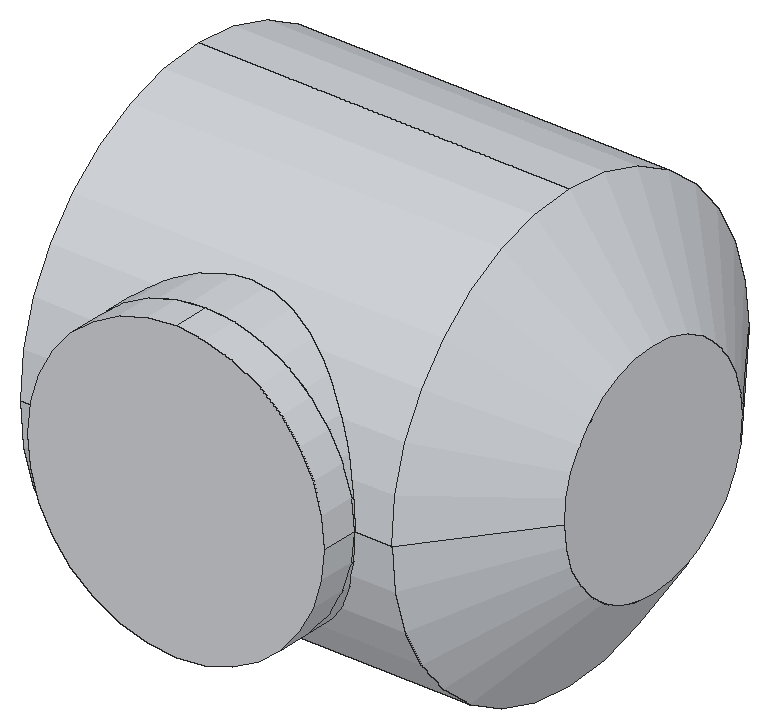
Revit family "ce2984e2dc8b4b9e8ea8a56b4b14058e", category Duct Fittings, Revit 2021
Family settings
  Round Connector Dimension = Use Radius
  Part Type = Tee
  OmniClass Number = 23.75.70.14
  OmniClass Title = Air Ductwork
  Seek Item ID = Round Tee with Transition - Bullhead-0000-USA-ENU
  Work Plane-Based = No
  Always vertical = Yes
  Cut with Voids When Loaded = No
  Shared = No
Parameters (values of type "Standard")
  Middle Radius [instance] = Duct Radius 3 - abs(Duct Diameter 3 / 2 - Middle Radius 1) / Length 1 * Duct Base Radius  # 4"
  Middle Radius 2 [instance] = Duct Diameter 3 / 2 - abs(Duct Diameter 3 / 2 - Middle Radius 1) / Length 1 * Length 2  # 4"
  Length 2 [instance] = Duct Base Radius  # 6"
  Length 1 [instance] = Duct Base Radius  # 6"
  Middle Radius 1 [instance] = if(Duct Base Diameter / 2 > Duct Diameter 3 / 2, Duct Diameter 3 / 2, Duct Base Diameter / 2)  # 4"
  Duct Radius 3 [instance] = 4"
  Duct Radius 2 [instance] = 3"
  Duct Radius 1 [instance] = 2"
  Duct Length 3 [instance] = Duct Base Diameter / 2 + 0' 1"  # 7"
  Length [instance] = abs(2 * (Duct Radius 1 - Duct Radius 2)) + 0' 0 1/4"  # 2 1/4"
  Duct Length 1 [instance] = Duct Diameter 3 / 2 + 0' 1"  # 5"
  Duct Diameter 3 [instance] = 2 * Duct Radius 3  # 8"
  Duct Diameter 2 [instance] = 2 * Duct Radius 2  # 6"
  Duct Diameter 1 [instance] = 2 * Duct Radius 1  # 4"
  Duct Base Radius [instance] = 6"
  Duct Base Diameter [instance] = 2 * Duct Base Radius  # 12"
  Default Elevation = 0' - 0"
Reference planes (in)
  plane 1 "Center (Front/Back)": y = 0
  plane 2: z = 0
  plane 3 "Center (Left/Right)": x = 0
  plane 4: x = -5
  plane 5: x = 5
  plane 6: y = -7
  plane 7: x = 7.25
  plane 8: x = -7.25
  plane 9: y = -6
  plane 10: y = -6
  plane 11: y = -6
Forms (in)
  Sweep 1, solid, detail levels medium+fine
    path in 3D
      loop
        line (-5, 0, 0) -> (5, 0, 0)
    profile "Duct - Round : Duct - Round Base" origin (0, 0, 0) x (0, 1, 0) y (0, 0, 1)
      loop
        arc (-6, 0) -> (-4.24264, -4.24264) -> (0, -6) r 6
        arc (0, -6) -> (4.24264, -4.24264) -> (6, 0) r 6
        arc (6, 0) -> (4.24264, 4.24264) -> (0, 6) r 6
        arc (0, 6) -> (-4.24264, 4.24264) -> (-6, 0) r 6
  Blend 2, solid, detail levels medium+fine
    base sketch origin (0, 0, 0) x (0, 1, 0) y (0, 0, 1)
      loop
        circle (0, 0) r 6
    top sketch origin (0, 0, 0) x (0, 1, 0) y (0, 0, 1)
      loop
        circle (0, 0) r 2
    from -5 to -7.25
  Blend 3, solid, detail levels medium+fine
    base sketch origin (0, 0, 0) x (0, 1, 0) y (0, 0, 1)
      loop
        circle (0, 0) r 6
    top sketch origin (0, 0, 0) x (0, 1, 0) y (0, 0, 1)
      loop
        circle (0, 0) r 3
    from 5 to 7.25
  Sweep 4, solid, detail levels medium+fine
    path in 3D
      loop
        line (0, -6, 0) -> (0, -7, 0)
    profile "Duct - Round : Duct - Round 3" origin (0, -6.5, 0) x (1, 0, 0) y (0, 0, 1)
      loop
        arc (-4, 0) -> (-2.82843, -2.82843) -> (0, -4) r 4
        arc (0, -4) -> (2.82843, -2.82843) -> (4, 0) r 4
        arc (4, 0) -> (2.82843, 2.82843) -> (0, 4) r 4
        arc (0, 4) -> (-2.82843, 2.82843) -> (-4, 0) r 4
  Blend 5, solid, detail levels medium+fine
    base sketch origin (0, 0, 0) x (1, 0, 0) y (0, 0, 1)
      loop
        circle (0, 0) r 4
    top sketch origin (0, 0, 0) x (1, 0, 0) y (0, 0, 1)
      loop
        circle (0, 0) r 4
    from 6 to 0
Cuts and joins
  joined: Sweep 1, Blend 2, Blend 3, Sweep 4, Blend 5
Lines and regions (in)
  reference lines
    curve 1: line (-5, 0, 0) -> (5, 0, 0)
    curve 2: line (0, -7, 0) -> (0, 0, 0)
    curve 8: line (0, -6, 0) -> (0, -7, 0)
    curve 9: line (0, -6, 0) -> (0, -7, 0)
    curve 10: line (0, -6, 0) -> (0, -7, 0)
  sketch lines
    curve 3: line (-5, 0, 0) -> (5, 0, 0)
    curve 11: line (0, -6, 0) -> (0, -7, 0)
  model lines, style "DuctFitting", detail levels coarse
    curve 4: line (-5, 0, 0) -> (5, 0, 0)
    curve 5: line (0, -7, 0) -> (0, 0, 0)
    curve 6: line (-7.25, 0, 0) -> (-5, 0, 0)
    curve 7: line (5, 0, 0) -> (7.25, 0, 0)
Dimensions and locks (in)
  "Duct Length 3": plane 6 to plane 1 "Center (Front/Back)"
  "Duct Length 1": plane 4 to plane 3 "Center (Left/Right)"
  "Duct Length 1": plane 3 "Center (Left/Right)" to plane 5
  "Length": plane 5 to plane 7
  "Length": plane 8 to plane 4
  "Length 1": plane 1 "Center (Front/Back)" to plane 9
  "Duct Base Radius": plane 1 "Center (Front/Back)" to plane 10
  "Length 2": plane 1 "Center (Front/Back)" to plane 11
  "Duct Base Radius": radius of Blend 2 sketch curve
  "Duct Radius 1": radius of Blend 2 sketch curve
  "Duct Base Radius": radius of Blend 3 sketch curve
  "Duct Radius 2": radius of Blend 3 sketch curve
  "Duct Radius 3": radius of Blend 5 sketch curve
  "Middle Radius": radius of Blend 5 sketch curve
  aligned and locked: plane 4 to curve 1
  aligned and locked: plane 5 to curve 1
  aligned and locked: plane 1 "Center (Front/Back)" to curve 1
  aligned and locked: plane 1 "Center (Front/Back)" to curve 2
  aligned and locked: plane 6 to curve 2
  aligned and locked: curve 2 to plane 3 "Center (Left/Right)"
  aligned and locked: curve 5 to curve 2
  aligned and locked: plane 6 to curve 5
  aligned and locked: plane 1 "Center (Front/Back)" to curve 4
  aligned and locked: plane 2 to Blend 2 sketch curve  (x2)
  aligned and locked: plane 1 "Center (Front/Back)" to Blend 2 sketch curve  (x2)
  aligned and locked: Blend 2 to plane 4
  aligned and locked: Blend 2 to plane 8
  aligned and locked: plane 8 to curve 6
  aligned and locked: plane 4 to curve 6
  aligned and locked: plane 1 "Center (Front/Back)" to curve 6
  aligned and locked: plane 5 to curve 7
  aligned and locked: plane 7 to curve 7
  aligned and locked: plane 1 "Center (Front/Back)" to curve 7
  aligned and locked: plane 2 to Blend 3 sketch curve  (x2)
  aligned and locked: plane 1 "Center (Front/Back)" to Blend 3 sketch curve  (x2)
  aligned and locked: plane 7 to Blend 3
  aligned and locked: Blend 3 to plane 5
  aligned and locked: plane 9 to curve 8
  aligned and locked: plane 6 to curve 8
  aligned and locked: curve 8 to plane 3 "Center (Left/Right)"
  aligned and locked: plane 10 to curve 9
  aligned and locked: plane 6 to curve 9
  aligned and locked: curve 9 to plane 3 "Center (Left/Right)"
  aligned and locked: plane 11 to curve 10
  aligned and locked: plane 6 to curve 10
  aligned and locked: curve 10 to plane 3 "Center (Left/Right)"
  aligned and locked: plane 2 to Blend 5 sketch curve  (x2)
  aligned and locked: plane 3 "Center (Left/Right)" to Blend 5 sketch curve  (x2)
  aligned and locked: Blend 5 to plane 10
  aligned and locked: Blend 5 to plane 1 "Center (Front/Back)"
Connectors (in)
  hvac at (-7.25, 0, 0), driven by "Duct Radius 1"
    settings: on cut or joined group of Sweep 1, Blend 2, Blend 3, Sweep 4, Blend 5, index 1, duct flow 0 CFM, flow factor 0, pres drop 0.00 in-wg, loss coef 0, conn angle 0.00°, conn width 12", conn height 12", conn diameter 4", duct sys type 28, conn prof type 0, flow config 0, flow direction 0, loss method 0, conn ref index 2, conn util no, is conn primary yes, conn desc ""
  hvac at (7.25, 0, 0), driven by "Duct Radius 2"
    settings: on cut or joined group of Sweep 1, Blend 2, Blend 3, Sweep 4, Blend 5, index 2, duct flow 0 CFM, flow factor 0, pres drop 0.00 in-wg, loss coef 0, conn angle 0.00°, conn width 12", conn height 12", conn diameter 6", duct sys type 28, conn prof type 0, flow config 0, flow direction 0, loss method 0, conn ref index 1, conn util no, is conn primary no, conn desc ""
  hvac at (0, -7, 0), driven by "Duct Radius 3"
    settings: on cut or joined group of Sweep 1, Blend 2, Blend 3, Sweep 4, Blend 5, index 3, duct flow 0 CFM, flow factor 0, pres drop 0.00 in-wg, loss coef 0, conn angle 0.00°, conn width 12", conn height 12", conn diameter 8", duct sys type 28, conn prof type 0, flow config 0, flow direction 0, loss method 0, conn ref index -1, conn util no, is conn primary no, conn desc ""
